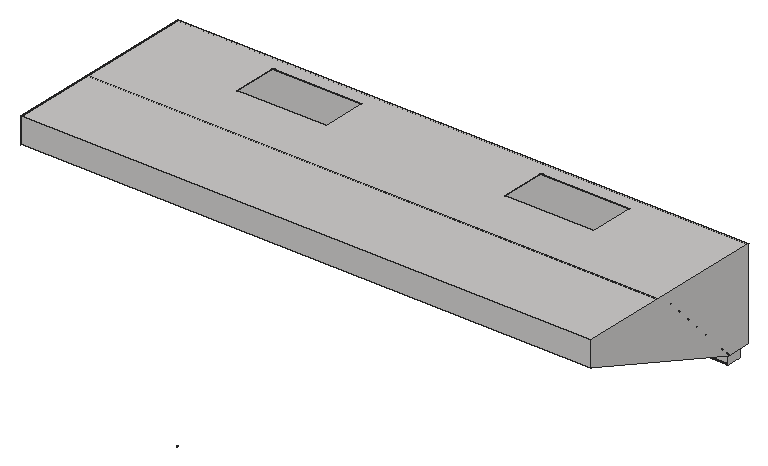
Revit family "QF_ELECTROLUXPROFESSIONAL_642094_MP1132DT", category Specialty Equipment, Revit 2014
Reference planes
  plane 1 "Center (Front/Back)": y = 0
  plane 2: z = 0
  plane 3 "Center (Left/Right)": x = 150
  plane 4 "LEFT": x = -1450
  plane 5 "RIGHT": x = 1750
  plane 6 "BACK": y = 550
  plane 7 "FRONT": y = -550
  plane 8 "Plane": z = 2000
  plane 9 "TOP": z = 2140
  plane 10 "Base": z = 1640
  plane 11: z = 1566
  plane 12 "DrainY": y = 485
  plane 13: x = -1447
  plane 14: through (0, 414.509, 1640.8) normal (0, 0.7314, 0.682)
  plane 15: y = 470
  plane 16: y = 220
  plane 17 "DrainX": x = 1630
  plane 18: x = -350
  plane 19: x = 650
  plane 20: x = -850
  plane 21: x = 1150
  plane 22: x = 1747
  plane 23: x = 1540
  plane 24: x = 1720
  plane 25: x = -1410
  plane 26: x = -1045
  plane 27: x = -650
  plane 28: x = 1710
  plane 29: x = 1345
  plane 30: x = 950
Forms (mm)
  Extrusion 1, solid, material "QF_Finishes_Stainless Steel"
    sketch origin (-1450, 0, 0) x (0, 1, 0) y (0, 0, 1)
      loop
        line (550, 1640) -> (550, 2140) -> (-550, 2140) -> (-550, 1999.112) -> (413.973, 1640) -> (550, 1640)
    from 0 to 3
  Extrusion 2, solid, material "QF_Finishes_Stainless Steel"
    sketch origin (150, 0, 0) x (0, 1, 0) y (0, 0, 1)
      loop
        line (415.255, 1640) -> (550, 1640) -> (550, 2139.19) -> (549.2, 2139.19) -> (549.2, 1640.8) -> (415.876, 1640.8) -> (339.347, 1722.867) -> (349.609, 1732.436) -> (348.927, 1733.167) -> (337.934, 1722.917) -> (415.255, 1640)
      loop
        line (-82.203, 2139.19) -> (-82.203, 2118.6) -> (-31.047, 2118.6) -> (34.354, 2048.466) -> (46.028, 2059.352) -> (45.346, 2060.083) -> (34.403, 2049.879) -> (-30.612, 2119.6) -> (-81.203, 2119.6) -> (-81.203, 2139.19) -> (-82.203, 2139.19)
    from -1597 to 1597
  Extrusion 3, solid, material "QF_Finishes_Stainless Steel"
    sketch origin (1750, 0, 0) x (0, 1, 0) y (0, 0, 1)
      loop
        line (550, 1640) -> (550, 2140) -> (-550, 2140) -> (-550, 1999.112) -> (413.973, 1640) -> (550, 1640)
    from 0 to -3
  Extrusion 4, solid, material "QF_Finishes_Stainless Steel"
    sketch origin (150, 0, 0) x (0, 1, 0) y (0, 0, 1)
      loop
        line (-550, 2140) -> (-550, 2000) -> (-549.2, 2000) -> (-549.2, 2139.19) -> (550, 2139.19) -> (550, 2140) -> (-550, 2140)
    from -1600 to 1600
  Extrusion 5, solid, material "QF_Finishes_Stainless Steel"
    sketch origin (150, 0, 0) x (0, 1, 0) y (0, 0, 1)
      loop
        line (534, 1640) -> (436, 1640) -> (436, 1627) -> (443.5, 1627) -> (443.5, 1576)
        arc (443.5, 1576) -> (446.429, 1568.929) -> (453.5, 1566) r 10
        line (453.5, 1566) -> (516.5, 1566)
        arc (516.5, 1566) -> (523.571, 1568.929) -> (526.5, 1576) r 10
        line (526.5, 1576) -> (526.5, 1627) -> (534, 1627) -> (534, 1640)
    from 1390 to 1570
  Extrusion 6, solid, material "QF_Finishes_Stainless Steel"
    sketch origin (0, 0, 1640) x (0, 1, 0) y (-1, 0, 0)
      loop
        circle (485, -1630) r 20
    from -76 to -74
  Extrusion 7, solid, material "QF_Finished_Chrome"
    sketch origin (150, 0, 0) x (0, 1, 0) y (0, 0, 1)
      loop
        line (337.934, 1722.917) -> (341.591, 1726.327) -> (38.011, 2051.876) -> (34.354, 2048.466) -> (337.934, 1722.917)
    from -1195 to -1560
  Extrusion 8, solid, material "QF_Finished_Chrome"
    sketch origin (150, 0, 0) x (0, 1, 0) y (0, 0, 1)
      loop
        line (337.934, 1722.917) -> (341.591, 1726.327) -> (38.011, 2051.876) -> (34.354, 2048.466) -> (337.934, 1722.917)
    from 800 to -800
  Extrusion 9, solid, material "QF_Finishes_Stainless Steel"
    sketch origin (150, 0, 0) x (0, 1, 0) y (0, 0, 1)
      loop
        line (337.934, 1722.917) -> (341.591, 1726.327) -> (38.011, 2051.876) -> (34.354, 2048.466) -> (337.934, 1722.917)
    from 1597 to 1560
  Extrusion 10, solid, material "QF_Finishes_Stainless Steel"
    sketch origin (150, 0, 0) x (0, 1, 0) y (0, 0, 1)
      loop
        line (341.588, 1726.324) -> (38.009, 2051.874) -> (34.354, 2048.466) -> (337.934, 1722.917) -> (341.588, 1726.324)
    from -1195 to -800
  Extrusion 11, solid, material "QF_Finished_Chrome"
    sketch origin (150, 0, 0) x (0, 1, 0) y (0, 0, 1)
      loop
        line (341.588, 1726.324) -> (38.009, 2051.874) -> (34.354, 2048.466) -> (337.934, 1722.917) -> (341.588, 1726.324)
    from 1195 to 1560
  Extrusion 12, void
    sketch origin (0, 0, 2140) x (0, 1, 0) y (-1, 0, 0)
      loop
        line (470, 850) -> (220, 850) -> (220, 350) -> (470, 350) -> (470, 850)
    from 0 to -10
  Extrusion 13, void
    sketch origin (940, 0, 2140) x (0, 1, 0) y (-1, 0, 0)
      loop
        line (470, 290) -> (220, 290) -> (220, -210) -> (470, -210) -> (470, 290)
    from 0 to -10
  Extrusion 14, solid, material "QF_Finishes_Stainless Steel"
    sketch origin (0, 0, 0) x (1, 0, 0) y (0, 1, 0)
      loop
        line (-1450, 550) -> (-1450, 549) -> (-1449, 549) -> (-1449, 550) -> (-1450, 550)
    from 0 to 1
  Extrusion 15, solid, material "QF_Finishes_Stainless Steel"
    sketch origin (150, 0, 0) x (0, 1, 0) y (0, 0, 1)
      loop
        line (337.934, 1722.917) -> (341.591, 1726.327) -> (38.011, 2051.876) -> (34.354, 2048.466) -> (337.934, 1722.917)
    from -1560 to -1597
  Extrusion 16, solid, material "QF_Finishes_Stainless Steel"
    sketch origin (150, 0, 0) x (0, 1, 0) y (0, 0, -1)
      loop
        line (341.588, -1726.324) -> (337.934, -1722.917) -> (34.354, -2048.466) -> (38.009, -2051.874) -> (341.588, -1726.324)
    from -1195 to -800
Cuts and joins
  Extrusion 12, Extrusion 13 cuts Extrusion 4
  joined: Extrusion 2, Extrusion 4
Lines and regions (mm)
  reference lines
    curve 1: line (150, 34.354, 2048.466) -> (150, 34.354, 1888.466)
  symbolic lines, style "SpecialityEquipment", detail levels coarse
    curve 2: line (1750, 550, 2140) -> (-1450, 550, 2140)
    curve 3: line (-1450, 550, 2140) -> (-1450, -550, 2140)
    curve 4: line (1750, -550, 2140) -> (1750, 550, 2140)
    curve 5: line (-1450, -550, 2140) -> (1750, -550, 2140)
    curve 6: line (-850, 220, 2140) -> (-350, 220, 2140)
    curve 7: line (-850, 470, 2140) -> (-850, 220, 2140)
    curve 8: line (-350, 470, 2140) -> (-850, 470, 2140)
    curve 9: line (-350, 220, 2140) -> (-350, 470, 2140)
    curve 10: line (650, 470, 2140) -> (650, 220, 2140)
    curve 11: line (650, 220, 2140) -> (1150, 220, 2140)
    curve 12: line (1150, 470, 2140) -> (650, 470, 2140)
    curve 13: line (1150, 220, 2140) -> (1150, 470, 2140)
    curve 14: line (-1450, -550, 0) -> (1750, 550, 0)
    curve 15: line (1750, -550, 0) -> (-1450, 550, 0)
Dimensions and locks
  plane 4 "LEFT" to plane 5 "RIGHT" = 3200 mm
  equal spacing: plane 4 "LEFT", plane 3 "Center (Left/Right)", plane 5 "RIGHT"
  locked: plane 8 "Plane" to level at 2000
  plane 9 "TOP" to plane 8 "Plane" = 140 mm
  locked: plane 9 "TOP" to plane 10 "Base" at 500
  plane 10 "Base" to plane 11 = 74 mm
  plane 6 "BACK" to plane 12 "DrainY" = 65 mm  (x2)
  plane 4 "LEFT" to plane 13 = 3 mm
  plane 6 "BACK" to plane 15 = 80 mm
  plane 15 to plane 16 = 250 mm  (x2)
  plane 17 "DrainX" to plane 5 "RIGHT" = 120 mm
  locked: plane 18 to plane 19 at 1000
  equal spacing: plane 18, plane 3 "Center (Left/Right)", plane 19
  plane 20 to plane 18 = 500 mm
  plane 19 to plane 21 = 500 mm
  plane 22 to plane 5 "RIGHT" = 3 mm
  locked: plane 23 to plane 17 "DrainX" at 90
  locked: plane 17 "DrainX" to plane 24 at 90
  plane 6 "BACK" to plane 7 "FRONT" = 1100 mm  (x2)
  equal spacing: plane 6 "BACK", plane 1 "Center (Front/Back)", plane 7 "FRONT"
  plane 16 to plane 7 "FRONT" = 770 mm
  plane 15 to plane 6 "BACK" = 80 mm
  locked: plane 4 "LEFT" to plane 25 at 40
  locked: plane 25 to plane 26 at 365
  locked: plane 26 to plane 27 at 395
  locked: plane 28 to plane 29 at 365
  locked: plane 29 to plane 30 at 395
  locked: plane 28 to plane 5 "RIGHT" at 40
  plane 27 to plane 30 = 1600 mm
  aligned and locked: level to plane 2
  aligned and locked: Extrusion 2 to Extrusion 1
  aligned and locked: Extrusion 2 to Extrusion 3
  aligned and locked: plane 5 "RIGHT" to Extrusion 4
  aligned and locked: Extrusion 4 to plane 4 "LEFT"
  aligned and locked: plane 22 to Extrusion 9
  aligned and locked: plane 20 to Extrusion 12
  aligned and locked: Extrusion 12 to plane 18
  aligned and locked: Extrusion 12 to plane 16
  aligned and locked: Extrusion 12 to plane 15
  aligned and locked: Extrusion 13 to plane 21
  aligned and locked: plane 19 to Extrusion 13
  aligned and locked: Extrusion 2 to Extrusion 4
  aligned and locked: plane 24 to Extrusion 5
  aligned and locked: Extrusion 5 to plane 23
  aligned and locked: Extrusion 9 to plane 28
  aligned and locked: Extrusion 11 to plane 28
  aligned and locked: Extrusion 11 to plane 29
  aligned and locked: Extrusion 8 to plane 30
  aligned and locked: Extrusion 8 to plane 27
  aligned and locked: plane 27 to Extrusion 10
  aligned and locked: Extrusion 10 to plane 26
  aligned and locked: plane 26 to Extrusion 7
  aligned and locked: Extrusion 7 to plane 25
  aligned and locked: Extrusion 15 to plane 13
  aligned and locked: plane 25 to Extrusion 15
  aligned and locked: Extrusion 16 to plane 30
  aligned and locked: Extrusion 16 to plane 29
  aligned and locked: Extrusion 3 to plane 22
Automatic sketch dimensions
  curve 5 to plane 4 "LEFT" = 0 mm
  curve 5 to plane 7 "FRONT" = 0 mm
  curve 9 to plane 16 = 0 mm
  curve 10 to plane 16 = 0 mm
  plane 15 to curve 8 = 0 mm
  plane 15 to curve 12 = 0 mm
  curve 3 to plane 6 "BACK" = 0 mm
  curve 5 to plane 5 "RIGHT" = 0 mm
  curve 11 to plane 21 = 0 mm
  curve 10 to plane 19 = 0 mm
  curve 6 to plane 18 = 0 mm
  curve 6 to plane 20 = 0 mm
  Extrusion 1 sketch curve to plane 7 "FRONT" = 0 mm
  Extrusion 1 sketch curve to plane 10 "Base" = 0 mm
  Extrusion 1 sketch curve to plane 6 "BACK" = 0 mm
  Extrusion 1 sketch curve to plane 9 "TOP" = 0 mm
  plane 15 to Extrusion 1 sketch curve = 56.027 mm
  Extrusion 1 sketch curve to plane 8 "Plane" = 0.888 mm
  Extrusion 2 sketch curve to plane 14 = 0 mm  (x3)
  Extrusion 2 sketch curve to plane 10 "Base" = 0 mm
  plane 14 to Extrusion 2 sketch curve = 0 mm
  Extrusion 2 sketch curve to plane 6 "BACK" = 0 mm
  Extrusion 2 sketch curve to Extrusion 2 sketch curve = 65.646 mm
  Extrusion 2 sketch curve to Extrusion 2 sketch curve = 0.682 mm  (x2)
  Extrusion 2 sketch curve to Extrusion 2 sketch curve = 10.261 mm
  plane 10 "Base" to Extrusion 2 sketch curve = 82.917 mm
  Extrusion 2 sketch curve to plane 1 "Center (Front/Back)" = 46.028 mm
  Extrusion 2 sketch curve to Extrusion 2 sketch curve = 10.942 mm
  Extrusion 2 sketch curve to Extrusion 2 sketch curve = 0.049 mm
  Extrusion 2 sketch curve to plane 9 "TOP" = 20.4 mm
  Extrusion 2 sketch curve to plane 9 "TOP" = 21.4 mm
  Extrusion 2 sketch curve to plane 9 "TOP" = 0.81 mm  (x2)
  Extrusion 2 sketch curve to Extrusion 2 sketch curve = 50.156 mm
  Extrusion 2 sketch curve to Extrusion 2 sketch curve = 1 mm
  plane 10 "Base" to Extrusion 2 sketch curve = 0.8 mm
  Extrusion 2 sketch curve to plane 6 "BACK" = 0.8 mm
  Extrusion 3 sketch curve to plane 7 "FRONT" = 0 mm
  Extrusion 3 sketch curve to plane 10 "Base" = 0 mm
  Extrusion 3 sketch curve to plane 6 "BACK" = 0 mm
  Extrusion 3 sketch curve to plane 9 "TOP" = 0 mm
  plane 15 to Extrusion 3 sketch curve = 56.027 mm
  Extrusion 3 sketch curve to plane 8 "Plane" = 0.888 mm
  Extrusion 4 sketch curve to plane 7 "FRONT" = 0 mm
  Extrusion 4 sketch curve to plane 8 "Plane" = 0 mm
  Extrusion 4 sketch curve to plane 6 "BACK" = 0 mm
  Extrusion 4 sketch curve to plane 9 "TOP" = 0 mm
  plane 7 "FRONT" to Extrusion 4 sketch curve = 0.8 mm
  Extrusion 4 sketch curve to plane 9 "TOP" = 0.81 mm
  curve 1 to plane 14 = 0 mm
  curve 1 to plane 1 "Center (Front/Back)" = 34.354 mm
  curve 1 to plane 8 "Plane" = 111.534 mm
  Extrusion 5 sketch curve to plane 10 "Base" = 0 mm
  Extrusion 5 sketch curve to plane 11 = 0 mm
  Extrusion 5 sketch curve to plane 10 "Base" = 13 mm  (x2)
  plane 15 to Extrusion 5 sketch curve = 34 mm
  Extrusion 5 sketch curve to Extrusion 5 sketch curve = 7.5 mm  (x2)
  Extrusion 5 sketch curve to Extrusion 5 sketch curve = 10 mm
  plane 12 "DrainY" to Extrusion 5 sketch curve = 31.5 mm
  Extrusion 5 sketch curve to plane 6 "BACK" = 23.5 mm
  Extrusion 6 sketch curve to plane 12 "DrainY" = 0 mm
  Extrusion 6 sketch curve to plane 17 "DrainX" = 0 mm
  Extrusion 7 sketch curve to plane 14 = 0 mm  (x2)
  Extrusion 7 sketch curve to plane 1 "Center (Front/Back)" = 34.354 mm
  Extrusion 7 sketch curve to Extrusion 7 sketch curve = 3.657 mm
  plane 10 "Base" to Extrusion 7 sketch curve = 82.917 mm
  Extrusion 8 sketch curve to plane 14 = 0 mm  (x2)
  Extrusion 8 sketch curve to plane 1 "Center (Front/Back)" = 34.354 mm
  Extrusion 8 sketch curve to Extrusion 8 sketch curve = 3.657 mm
  plane 10 "Base" to Extrusion 8 sketch curve = 82.917 mm
  Extrusion 9 sketch curve to plane 14 = 0 mm  (x2)
  Extrusion 9 sketch curve to plane 1 "Center (Front/Back)" = 34.354 mm
  Extrusion 9 sketch curve to Extrusion 9 sketch curve = 3.657 mm
  plane 10 "Base" to Extrusion 9 sketch curve = 82.917 mm
  Extrusion 10 sketch curve to plane 14 = 0 mm  (x2)
  Extrusion 10 sketch curve to plane 1 "Center (Front/Back)" = 34.354 mm
  Extrusion 10 sketch curve to Extrusion 10 sketch curve = 3.655 mm
  plane 10 "Base" to Extrusion 10 sketch curve = 82.917 mm
  Extrusion 11 sketch curve to plane 14 = 0 mm  (x2)
  Extrusion 11 sketch curve to plane 1 "Center (Front/Back)" = 34.354 mm
  Extrusion 11 sketch curve to Extrusion 11 sketch curve = 3.655 mm
  plane 10 "Base" to Extrusion 11 sketch curve = 82.917 mm
  Extrusion 12 sketch curve to plane 16 = 0 mm
  plane 15 to Extrusion 12 sketch curve = 0 mm
  Extrusion 12 sketch curve to plane 18 = 0 mm
  Extrusion 12 sketch curve to plane 20 = 0 mm
  Extrusion 13 sketch curve to plane 16 = 0 mm
  plane 15 to Extrusion 13 sketch curve = 0 mm
  Extrusion 13 sketch curve to plane 21 = 0 mm
  Extrusion 13 sketch curve to plane 19 = 0 mm
  Extrusion 14 sketch curve to plane 4 "LEFT" = 0 mm
  Extrusion 14 sketch curve to plane 6 "BACK" = 0 mm
  plane 4 "LEFT" to Extrusion 14 sketch curve = 1 mm
  Extrusion 14 sketch curve to plane 6 "BACK" = 1 mm
  Extrusion 15 sketch curve to plane 14 = 0 mm  (x2)
  Extrusion 15 sketch curve to plane 1 "Center (Front/Back)" = 34.354 mm
  Extrusion 15 sketch curve to Extrusion 15 sketch curve = 3.657 mm
  plane 10 "Base" to Extrusion 15 sketch curve = 82.917 mm
  Extrusion 16 sketch curve to plane 14 = 0 mm  (x2)
  Extrusion 16 sketch curve to plane 1 "Center (Front/Back)" = 34.354 mm
  Extrusion 16 sketch curve to Extrusion 16 sketch curve = 3.655 mm
  plane 10 "Base" to Extrusion 16 sketch curve = 82.917 mm
  curve 15 to plane 4 "LEFT" = 0 mm
  curve 14 to plane 4 "LEFT" = 0 mm
  curve 15 to plane 5 "RIGHT" = 0 mm
  curve 14 to plane 5 "RIGHT" = 0 mm
  curve 15 to plane 7 "FRONT" = 0 mm
  curve 14 to plane 7 "FRONT" = 0 mm
  curve 15 to plane 6 "BACK" = 0 mm
  curve 14 to plane 6 "BACK" = 0 mm
  radius of Extrusion 6 sketch curve = 20 mm
Connectors
  piping at (1630, 485, 1564), diameter 20
    settings: on Extrusion 6, index 1, connector inside diameter 609.6 mm, connector length 0 mm, flow factor 0, pipe flow 0.0 L/s, pressure drop 0.0 Pa, fitting loss kfactor 0, connector angle 0.00°, fixture units 0, engagement length 0 mm, angle of deflection 0.00°, flow configuration 1, flow direction 2, fitting loss method 0, system type 16, joint type 0, gender type 0, connector reference index -1, connector utility 0, adjustable connector no, is connector primary yes, connector description "Drain"
  hvac at (-600, 345, 2140)
    settings: on Extrusion 12, index 2, duct flow 0.0 L/s, flow factor 0, pres drop 0.0 Pa, loss coef 0, conn angle 0.00°, conn width 250 mm, conn height 500 mm, conn diameter 609.6 mm, duct sys type 3, conn prof type 1, flow config 1, flow direction 0, loss method 0, conn ref index -1, conn util no, is conn primary yes, conn desc "EXHAUST OUTLET"
  hvac at (900, 345, 2140)
    settings: on Extrusion 13, index 3, duct flow 0.0 L/s, flow factor 0, pres drop 0.0 Pa, loss coef 0, conn angle 0.00°, conn width 250 mm, conn height 500 mm, conn diameter 609.6 mm, duct sys type 3, conn prof type 1, flow config 1, flow direction 0, loss method 0, conn ref index -1, conn util no, is conn primary no, conn desc "EXHAUST OUTLET"
